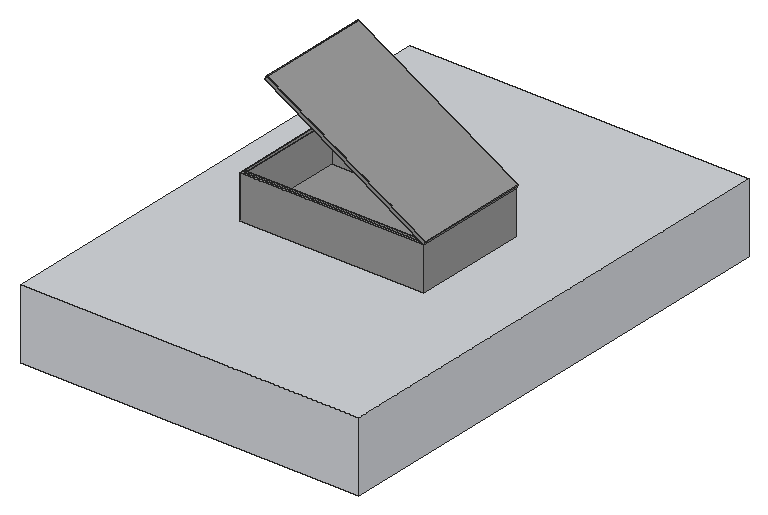
Revit family "Hager-Univers-IP44-D205-H500-Cl.II-Encl-BE-en", category Equipement électrique, Revit 2020
Family settings
  Hôte = Face
  Configuration du panneau = Deux colonnes, circuits au sein
  Cote de connecteur circulaire = Utiliser le diamètre
  Type d'élément = Tableau de raccordement
  Couper avec des vides une fois chargée = Non
  Partagée = Non
  Point de calcul de pièce = Non
Parameters (values of type "Surface mounted (plaster) IP44 W800 H500 D205  - FP33QS")
  Width Control [instance] = if([EF000008 - Width] > Min Width, [EF000008 - Width], Min Width)  # 800 mm
  Commentaires du type = [HG000003 - Range]  # "Univers"
  Thickness Door [instance] = if([EF009171 - Material plate thickness door/cover] > 3 mm, 3 mm, [EF009171 - Material plate thickness door/cover])  # 1 mm
  Seal Frame Offset [instance] = 17 mm  # constant formula
  Plinth Visibility [instance] = [HG000027 - Plinth height] > 0 mm  # no
  Model = ""
  Min Width [instance] = 100 mm  # constant formula
  Min Height [instance] = 100 mm  # constant formula
  Min Depth [instance] = (2 * [EF009170 - Material plate thickness cabinet]) + 1 mm  # 3 mm
  Internal Frame Depth [instance] = (Door System Depth * 0.5)  # 9 mm
  Height Control [instance] = if([EF000040 - Height] > Min Height, [EF000040 - Height], Min Height)  # 500 mm
  HG000027 - Plinth height = 0 mm
  HG000026 - Floor standing = no
  HG000024 - Bottom section height = 800 mm
  HG000023 - Double section enclosure = no
  HG000016 - Door 3d visibility [instance] = yes
  HG000015 - Clearance visibility [instance] = no
  HG000014 - Door on the right [instance] = yes
  HG000013 - Door on the left [instance] = not([HG000014 - Door on the right])  # no
  HG000012 - Door swing angle [instance] = 30.00°
  HG000010 - Asymmetric doors = no
  HG000009 - Double swing door = no
  HG000006 - Flush mounted = no
  HG000004 - Manufacturer reference = "FP33QS"
  HG000003 - Range = "Univers"
  HG000002 - With door or cover = yes
  Frame Offset Bottom [instance] = 10 mm  # constant formula
  Frame Offset [instance] = 15 mm  # constant formula
  EF015940 - Cover with overpressure release = no
  EF011959 - Degree of protection (NEMA) = ""
  EF009554 - Number of openings for flange plates = 6
  EF009212 - Cover model = "EV000116 - Closed"
  EF009171 - Material plate thickness door/cover = 1 mm
  EF009170 - Material plate thickness cabinet = 1 mm
  Fabricant = "Hager"  # constant formula
  EF008873 - Nominal current (In) = 250 A
  EF007800 - Suitable for lightning protection = no
  EF006306 - With lock = no
  EF006244 - Transparent cover/door = no
  EF005474 - Degree of protection (IP) = "EV006418 - IP44"
  EF004464 - Type of door = "EV002646 - Single"
  EF004427 - Number of modules = 108
  EF004293 - Impact strength = "EV006815 - IK09"
  EF003532 - Suitable for outdoor use = no
  EF002950 - Width in number of modular spacings = 36
  EF001613 - Circuit integrity = "EV000494 - None"
  EF001596 - Material housing = "EV000179 - Steel"
  EF001131 - Internal depth = 143 mm
  EF001088 - Extension possible = yes
  EF000437 - Number of conduit inlets = 6
  EF000339 - Type of cover = "EV001012 - Cover"
  EF000266 - Number of rows = 3
  EF000218 - Built-in depth = 0 mm
  EF000118 - With mounting plate = no
  EF000116 - RAL-number = "9010"
  EF000049 - Depth = 205 mm
  EF000040 - Height = 500 mm
  EF000008 - Width = 800 mm
  EF000007 - Colour = "EV000202 - White"
  EF000003 - Mounting method = "EV000384 - Surface mounted (plaster)"
  Door System Leaf Tolerance [instance] = 1.5 mm  # constant formula
  Door System Depth [instance] = 18 mm  # constant formula
  Door Height [instance] = Height Control - [HG000027 - Plinth height]  # 500 mm
  Depth Control [instance] = if([EF000049 - Depth] > Min Depth, [EF000049 - Depth], Min Depth)  # 205 mm
  Default Elevation = 0 mm
  Connector Offset [instance] = Height Control / 2  # 250 mm
  Bottom Top Plate Trim [instance] = 1.5 mm  # constant formula
  Plinth height Ctrl [instance] = if([HG000027 - Plinth height] > 0 mm, [HG000027 - Plinth height], 12 mm)  # 12 mm
Types (5, lengths in mm): name | Width Control | HG000009 - Double swing door | HG000004 - Manufacturer reference | EF009554 - Number of openings for flange plates | EF004464 - Type of door | EF004427 - Number of modules | EF002950 - Width in number of modular spacings | EF000437 - Number of conduit inlets | EF000008 - Width
  Surface mounted (plaster) IP44 W1050 H500 D205  - FP34QS | 1050 | yes | "FP34QS" | 8 | "EV003602 - Double" | 144 | 48 | 8 | 1050
  Surface mounted (plaster) IP44 W1300 H500 D205  - FP35QS | 1300 | yes | "FP35QS" | 10 | "EV003602 - Double" | 180 | 60 | 10 | 1300
  Surface mounted (plaster) IP44 W300 H500 D205  - FP31QS | 300 | no | "FP31QS" | 2 | "EV002646 - Single" | 36 | 12 | 2 | 300
  Surface mounted (plaster) IP44 W550 H500 D205  - FP32QS | 550 | no | "FP32QS" | 4 | "EV002646 - Single" | 72 | 24 | 4 | 550
  Surface mounted (plaster) IP44 W800 H500 D205  - FP33QS | 800 | no | "FP33QS" | 6 | "EV002646 - Single" | 108 | 36 | 6 | 800
Reference planes
  plane 1 "Center (Front/Back)": y = 0
  plane 2: z = 0
  plane 3 "Center (Left/Right)": x = 0
  plane 4: z = 205
  plane 5: y = 1
  plane 6: y = 250
  plane 7: y = 0
  plane 8: y = 500
  plane 9: z = 0
  plane 10: x = -385
  plane 11: x = 385
  plane 12: x = 384
  plane 13: x = -384
  plane 14: y = 499
  plane 15: x = -383
  plane 16: x = -400
  plane 17: x = 383
  plane 18: x = 400
  plane 19: x = 399
  plane 20: x = -399
  plane 21: y = 11
  plane 22: y = 500
  plane 23: y = 484
  plane 24: z = 187
  plane 25: z = 1
  plane 26: z = 186
  plane 27: z = 204
Forms (mm)
  Extrusion 1, solid
    sketch origin (0, 0, 0) x (1, 0, 0) y (0, 1, 0)
      loop
        line (-702.964, 1305) -> (-702.964, -811.445) -> (766.763, -811.445) -> (766.763, 1305) -> (-702.964, 1305)
    from 0 to -304.8
  Extrusion 2, solid, material "Hager_Steel_RAL7035_Light_Grey", visible <- "Plinth Visibility", detail levels medium+fine
    sketch origin (0, 0, 0) x (1, 0, 0) y (0, 1, 0)
      loop
        line (-400, 0) -> (400, 0) -> (400, 12) -> (-400, 12) -> (-400, 0)
    from 0 to 187
  Extrusion 3, solid, material "Hager_Steel_RAL7035_Light_Grey", detail levels medium+fine
    sketch origin (0, 0, 0) x (1, 0, 0) y (0, 1, 0)
      loop
        line (-400, 0) -> (400, 0) -> (400, 500) -> (-400, 500) -> (-400, 0)
    from 0 to 187
  Extrusion 4, void
    sketch origin (0, 0, 0) x (1, 0, 0) y (0, 1, 0)
      loop
        line (-399, 1) -> (399, 1) -> (399, 499) -> (-399, 499) -> (-399, 1)
    from 1 to 186
  Extrusion 5, void
    sketch origin (-381.607, -4572, 187) x (0, -1, 0) y (-1, 0, 0)
      loop
        line (-4583, 2.393) -> (-5056, 2.393) -> (-5056, -765.607) -> (-4583, -765.607) -> (-4583, 2.393)
    from 0 to 1 <- "EF009170 - Material plate thickness cabinet"
  Extrusion 6, solid, material "Hager_Steel_RAL7035_Light_Grey", detail levels fine
    sketch origin (0, 0, 187) x (1, 0, 0) y (0, 1, 0)
      loop
        line (-384, 484) -> (-384, 11) -> (384, 11) -> (384, 484) -> (-384, 484)
      loop
        line (-385, 10) -> (385, 10) -> (385, 485) -> (-385, 485) -> (-385, 10)
    from 0 to 9 <- "Internal Frame Depth"
  Extrusion 7, solid, material "Hager_Steel_RAL7035_Light_Grey", detail levels coarse
    sketch origin (0, 0, 0) x (1, 0, 0) y (0, 1, 0)
      loop
        line (-400, 0) -> (400, 0) -> (400, 500) -> (-400, 500) -> (-400, 0)
    from 0 to 205
  Sweep 8, void
    path in 3D
      loop
        line (-400, 12, 0) -> (400, 12, 0) -> (400, 12, 187) -> (-400, 12, 187) -> (-400, 12, 0)
    profile origin (-400, 12, 93.5) x (-1, 0, 0) y (0, -1, 0)
      loop
        line (0, 0) -> (0, 1.5) -> (-1.5, 1.5)
        arc (-1.5, 1.5) -> (-1.061, 0.439) -> (0, 0) r 1.5
Cuts and joins
  Extrusion 4, Extrusion 5 cuts Extrusion 3
  Sweep 8 cuts Extrusion 2
Lines and regions (mm)
  Masking region 1
    outline origin (0, 0, 0) x (1, 0, 0) y (0, 0, 1)
      loop
        line (-400, 205) -> (-400, 0) -> (400, 0) -> (400, 205) -> (-400, 205)
  Masking region 2, detail levels medium+fine
    outline origin (0, 140, 0) x (0, 1, 0) y (0, 0, 1)
      loop
        line (-140, 0) -> (360, 0) -> (360, 187) -> (-140, 187) -> (-140, 0)
  Masking region 3, not visible, detail levels medium+fine
    outline origin (0, 297.922, 0) x (0, 1, 0) y (0, 0, 1)
      loop
        line (-36.422, 0) -> (3.578, 0) -> (3.578, 194)
        arc (3.578, 194) -> (0.649, 201.071) -> (-6.422, 204) r 10
        line (-6.422, 204) -> (-36.422, 204) -> (-36.422, 0)
  Masking region 4, detail levels coarse
    outline origin (0, 0, 180) x (0, 1, 0) y (0, 0, 1)
      loop
        line (0, -180) -> (500, -180) -> (500, 25) -> (0, 25) -> (0, -180)
  Masking region 5, visible <- "Plinth Visibility", detail levels medium+fine
    outline origin (0, 52.24, 12.345) x (0, 0, -1) y (0, 1, 0)
      loop
        line (10.845, -40.24) -> (-173.155, -40.24)
        arc (-173.155, -40.24) -> (-173.594, -41.301) -> (-174.655, -41.74) r 1.5
        line (-174.655, -41.74) -> (-174.655, -52.24) -> (12.345, -52.24) -> (12.345, -41.74)
        arc (12.345, -41.74) -> (11.285, -41.301) -> (10.845, -40.24) r 1.5
  Masking region 6, detail levels medium+fine
    outline origin (-381.607, -4572, 187) x (-1, 0, 0) y (0, -1, 0)
      loop
        line (18.393, -5072) -> (18.393, -4572) -> (-781.607, -4572) -> (-781.607, -5072) -> (18.393, -5072)
  Masking region 7, visible <- "Plinth Visibility", detail levels medium+fine
    outline origin (-381.607, -4727, 187) x (-1, 0, 0) y (0, -1, 0)
      loop
        arc (16.893, -4739) -> (17.332, -4737.939) -> (18.393, -4737.5) r 1.5
        line (18.393, -4737.5) -> (18.393, -4727) -> (-781.607, -4727) -> (-781.607, -4737.5)
        arc (-781.607, -4737.5) -> (-780.546, -4737.939) -> (-780.107, -4739) r 1.5
        line (-780.107, -4739) -> (16.893, -4739)
  Masking region 8, detail levels coarse
    outline origin (-442.548, -4669.526, 187) x (-1, 0, 0) y (0, -1, 0)
      loop
        line (-42.548, -5169.526) -> (-42.548, -4669.526) -> (-842.548, -4669.526) -> (-842.548, -5169.526) -> (-42.548, -5169.526)
  sketch lines
    curve 1: line (-400, 12, 187) -> (-400, 12, 0)
    curve 2: line (400, 12, 187) -> (-400, 12, 187)
    curve 3: line (400, 12, 187) -> (400, 12, 0)
    curve 4: line (-400, 12, 0) -> (400, 12, 0)
Dimensions and locks
  "Depth Control": plane 4 to Extrusion 1
  "HG000027 - Plinth height": plane 1 "Center (Front/Back)" to plane 7
  "EF009170 - Material plate thickness cabinet": plane 5 to plane 7
  locked: connector elem to plane 3 "Center (Left/Right)"
  equal spacing: plane 8, plane 6, plane 7
  locked: connector elem to plane 6
  "EF009170 - Material plate thickness cabinet": plane 8 to plane 14
  "EF009170 - Material plate thickness cabinet": plane 10 to plane 13
  "EF009170 - Material plate thickness cabinet": plane 12 to plane 11
  "Frame Offset": plane 20 to plane 13
  "Frame Offset": plane 12 to plane 19
  "EF009170 - Material plate thickness cabinet": plane 16 to plane 20
  "EF009170 - Material plate thickness cabinet": plane 19 to plane 18
  "Seal Frame Offset": plane 16 to plane 15
  "Seal Frame Offset": plane 17 to plane 18
  "Frame Offset Bottom": plane 21 to plane 5
  "Frame Offset": plane 14 to plane 23
  equal spacing: plane 16, plane 3 "Center (Left/Right)", plane 18
  "Width Control": plane 16 to plane 18
  "EF009170 - Material plate thickness cabinet": plane 4 to plane 27
  "EF009170 - Material plate thickness cabinet": plane 24 to plane 26
  "EF009170 - Material plate thickness cabinet": plane 25 to level
  "Door System Depth": plane 4 to plane 24
  "Height Control": plane 1 "Center (Front/Back)" to Extrusion 7 sketch curve
  "Height Control": Masking region 4 sketch curve to plane 1 "Center (Front/Back)"
  "Height Control": plane 1 "Center (Front/Back)" to plane 22
  "Bottom Top Plate Trim": profile plane to Sweep 8 sketch curve
  "Bottom Top Plate Trim": Sweep 8 sketch curve to profile plane
  "Plinth height Ctrl": plane 1 "Center (Front/Back)" to Extrusion 2 sketch curve
  "Plinth height Ctrl": Masking region 5 sketch curve to plane 1 "Center (Front/Back)"
  "Plinth height Ctrl": plane 1 "Center (Front/Back)" to Masking region 7 sketch curve
  "Thickness Door": Extrusion 6 sketch curve to Extrusion 6 sketch curve  (x3)
  "Thickness Door": cut or joined group of Extrusion 3, Extrusion 4, Extrusion 5 to Extrusion 6 sketch curve
  radius of Masking region 3 sketch curve = 10 mm
  "Bottom Top Plate Trim": radius of Masking region 5 sketch curve  (x2)
  "Bottom Top Plate Trim": radius of Sweep 8 sketch curve
  "Bottom Top Plate Trim": radius of Masking region 7 sketch curve  (x2)
  aligned and locked: plane 2 to Extrusion 1
  aligned and locked: level to Extrusion 1
  aligned and locked: level to Masking region 1 sketch curve
  aligned and locked: Masking region 1 sketch curve to plane 18
  aligned and locked: Masking region 1 sketch curve to plane 16
  aligned and locked: plane 7 to Masking region 2 sketch curve
  aligned and locked: level to Masking region 3 sketch curve
  aligned and locked: Masking region 3 sketch curve to plane 27
  aligned and locked: level to Masking region 2 sketch curve
  aligned and locked: plane 1 "Center (Front/Back)" to Extrusion 2 sketch curve
  aligned and locked: Extrusion 3 sketch curve to plane 7
  aligned and locked: plane 16 to Extrusion 3 sketch curve
  aligned and locked: plane 18 to Extrusion 3 sketch curve
  aligned and locked: plane 20 to Extrusion 4 sketch curve
  aligned and locked: plane 19 to Extrusion 4 sketch curve
  aligned and locked: Extrusion 4 sketch curve to plane 5
  aligned and locked: Extrusion 4 to plane 25
  aligned and locked: plane 26 to Extrusion 4
  aligned and locked: plane 24 to Extrusion 3
  aligned and locked: Extrusion 5 sketch curve to plane 21
  aligned and locked: Extrusion 5 sketch curve to plane 13
  aligned and locked: Extrusion 5 sketch curve to plane 12
  aligned and locked: plane 18 to Extrusion 7 sketch curve
  aligned and locked: plane 1 "Center (Front/Back)" to Extrusion 7 sketch curve
  aligned and locked: plane 16 to Extrusion 7 sketch curve
  aligned and locked: plane 4 to Extrusion 7
  aligned and locked: Extrusion 7 to level
  aligned and locked: level to Masking region 4 sketch curve
  aligned and locked: Masking region 4 sketch curve to plane 1 "Center (Front/Back)"
  aligned and locked: Masking region 4 sketch curve to plane 4
  aligned and locked: nested 1 to level
  aligned and locked: nested 1 to plane 16
  aligned and locked: plane 8 to Extrusion 3 sketch curve
  aligned and locked: plane 23 to Extrusion 5 sketch curve
  aligned and locked: plane 14 to Extrusion 4 sketch curve
  aligned and locked: Masking region 2 sketch curve to plane 8
  aligned and locked: level to Masking region 5 sketch curve
  aligned and locked: plane 16 to Extrusion 2 sketch curve
  aligned and locked: plane 18 to Extrusion 2 sketch curve
  aligned and locked: Masking region 5 sketch curve to plane 24
  aligned and locked: Masking region 2 sketch curve to plane 24
  aligned and locked: plane 24 to Extrusion 2
  aligned and locked: profile plane to Sweep 8 sketch curve  (x2)
  aligned and locked: Masking region 6 sketch curve to plane 18
  aligned and locked: Masking region 6 sketch curve to plane 22
  aligned and locked: Masking region 6 sketch curve to plane 16
  aligned and locked: plane 8 to plane 22
  aligned and locked: Masking region 6 sketch curve to plane 7
  aligned and locked: Masking region 7 sketch curve to plane 16
  aligned and locked: Masking region 7 sketch curve to plane 1 "Center (Front/Back)"
  aligned and locked: Masking region 7 sketch curve to plane 18
  aligned and locked: Masking region 8 sketch curve to plane 1 "Center (Front/Back)"
  aligned and locked: Masking region 8 sketch curve to plane 18
  aligned and locked: Masking region 8 sketch curve to plane 22
  aligned and locked: Masking region 8 sketch curve to plane 16
  aligned and locked: nested 2 to plane 7
  aligned and locked: plane 3 "Center (Left/Right)" to nested 2
  aligned and locked: nested 2 to plane 24
  aligned and locked: Extrusion 6 sketch curve to cut or joined group of Extrusion 3, Extrusion 4, Extrusion 5  (x4)
Automatic sketch dimensions
  Extrusion 1 sketch curve to Extrusion 1 sketch curve = 1469.727 mm
  Extrusion 1 sketch curve to Extrusion 1 sketch curve = 2116.445 mm
  Masking region 1 sketch curve to plane 4 = 0 mm
  plane 6 to Masking region 3 sketch curve = 11.5 mm
  Masking region 3 sketch curve to Masking region 3 sketch curve = 30 mm
  Masking region 5 sketch curve to plane 1 "Center (Front/Back)" = 0 mm
Nested families
  nested 1: "Hager_Enclosure_Symbol" at (-400, 0, 0) x (1, 0, 0) z (0, -1, 0), Height <- "Depth Control", Width <- "Width Control", type "Hager_Enclosure_Symbol"
    with Width_Ctrl 800 mm, Width 800 mm, Height_Ctrl 205 mm, Height 205 mm, A_Width_Int 13.453 mm, A_Width 161.438 mm, A_Height_Ctrl 179.375 mm, A_Height 179.375 mm
  nested 2: "EC000058_Univers_Door" at (0, 0, 187) x (1, 0, 0) z (0, 1, 0), Leaf_Tolerance <- "Door System Leaf Tolerance", Angle <- "HG000012 - Door swing angle", Door_Depth <- "Door System Depth", Door_Left <- "HG000013 - Door on the left", Transparent <- "EF006244 - Transparent cover/door", Assymetrical <- "HG000010 - Asymmetric doors", Width <- "Width Control", Clearance <- "HG000015 - Clearance visibility", Double <- "HG000009 - Double swing door", 3d_Door <- "HG000016 - Door 3d visibility", Lock_Visibility <- "EF006306 - With lock", Width_Ctrl <- "Width Control", Door_Right <- "HG000014 - Door on the right", Door <- "HG000002 - With door or cover", Height <- "Door Height", Thickness <- "Thickness Door", type "EC000058_Univers_Door", detail levels medium+fine
    with min_wh 3 mm, Width_Ctrl 800 mm, Width 800 mm, Transparent no, Thickness 1 mm, Seal_Material Hager_Rubber, Lock_Visibility no, Lock_Material Hager_Plastic_RAL9005_Jet_Black, Leaf_Width 800 mm, Leaf_Tolerance_External_Sides 0 mm, Leaf_Tolerance 1.5 mm, Leaf_Offset 0 mm, Leaf_Height 497 mm, Leaf_2_Width 800 mm, Leaf_2_Offset 400 mm, Leaf_1_Width 800 mm, Leaf_1_Offset 400 mm, Height_Ctrl 500 mm, Height 500 mm, Glass_Material Hager_Glass, Double_Clearance_Ctrl no, Double no, Door_Right_Ctrl yes, Door_Right yes, Door_Material Hager_Steel_RAL7035_Light_Grey, Door_Left_Ctrl no, Door_Left no, Door_Depth 18 mm, Door yes, Clearance_Material Hager_Clearance, Clearance_Depth 800 mm, Clearance_Ctrl no, Clearance no, Assymetrical no, Angle 30.00°, 3d_Door yes
Connectors
  electrical at (0, 250, 0)
    settings: on plane 9, index 1, voltage 0 V, apparent load 0 VA, apparent load phase1 0 VA, apparent load phase2 0 VA, apparent load phase3 0 VA, power factor 1, load classification "Other", number of poles 1, system type 30, power factor state 1, is connector primary yes, connector utility no, sub classification motor no, connector description ""
Definition of nested family "EC000058_Univers_Door"
  Parameters (values of type "EC000058_Univers_Door")
    min_wh [instance] = (2 * Thickness) + 1 mm  # 11 mm
    Width_Ctrl [instance] = 400 mm
    Width [instance] = 500 mm
    Transparent [instance] = yes
    Thickness [instance] = 5 mm
    Seal_Material [instance] = none
    Lock_Visibility [instance] = yes
    Lock_Material [instance] = none
    Leaf_Width [instance] = if((Width_Ctrl - 2 * Leaf_Tolerance_External_Sides) > 0 mm, (Width_Ctrl - 2 * Leaf_Tolerance_External_Sides), min_wh)  # 400 mm
    Leaf_Tolerance_External_Sides [instance] = 0 mm  # constant formula
    Leaf_Tolerance [instance] = 1.5 mm
    Leaf_Offset [instance] = 0 mm  # constant formula
    Leaf_Height [instance] = if((Height_Ctrl - 2 * Leaf_Tolerance) > 0 mm, (Height_Ctrl - 2 * Leaf_Tolerance), min_wh)  # 497 mm
    Leaf_2_Width [instance] = if(and(and(Double, Assymetrical), Door_Left), (Leaf_Width / 3) - (Leaf_Tolerance / 2), if(and(and(Double, Assymetrical), Door_Right), (Leaf_Width / 3) * 2 - (Leaf_Tolerance / 2), if(and(Double, not(Assymetrical)), (Leaf_Width / 2) - Leaf_Tolerance, Leaf_Width)))  # 400 mm
    Leaf_2_Offset [instance] = if(and(Double, Assymetrical), Leaf_2_Width / 2, if(and(Double, not(Assymetrical)), Leaf_Width / 4, Leaf_Width / 2))  # 200 mm
    Leaf_1_Width [instance] = if(and(and(Double, Assymetrical), Door_Right), (Leaf_Width / 3) - (Leaf_Tolerance / 2), if(and(and(Double, Assymetrical), Door_Left), (Width / 3) * 2 - (Leaf_Tolerance / 2), if(and(Double, not(Assymetrical)), (Leaf_Width / 2) - Leaf_Tolerance, Leaf_Width)))  # 400 mm
    Leaf_1_Offset [instance] = if(and(Double, Assymetrical), Leaf_1_Width / 2, if(and(Double, not(Assymetrical)), Leaf_Width / 4, Leaf_Width / 2))  # 200 mm
    Height_Ctrl [instance] = if(Height > min_wh, Height, min_wh)  # 500 mm
    Height [instance] = 500 mm
    Glass_Material [instance] = none
    Double_Clearance_Ctrl [instance] = and(Double, Clearance)  # no
    Double [instance] = no
    Door_Right_Ctrl [instance] = and(or(Door_Right, Double), Door)  # yes
    Door_Right [instance] = yes
    Door_Material [instance] = none
    Door_Left_Ctrl [instance] = and(or(Door_Left, Double), Door)  # no
    Door_Left [instance] = no
    Door_Depth [instance] = 30 mm
    Door [instance] = yes
    Default Elevation = 1219.2 mm
    Clearance_Material [instance] = none
    Clearance_Depth [instance] = if(Leaf_1_Width > Leaf_2_Width, Leaf_1_Width, Leaf_2_Width)  # 400 mm
    Clearance_Ctrl [instance] = and(not(Double), Clearance)  # yes
    Clearance [instance] = yes
    Assymetrical [instance] = yes
    Angle [instance] = 30.00°
    3d_Door [instance] = yes
  Reference planes
    plane 1 "Center (Front/Back)": y = 0
    plane 2 "Bottom": z = 0
    plane 3 "Center (Left/Right)": x = 0
    plane 4: z = 500
    plane 5: x = -200
    plane 6: x = 200
    plane 7: z = 500
    plane 8: x = -200
    plane 9: z = 0
    plane 10: x = 200
    plane 11: y = 0
    plane 12: z = 1.5
    plane 13: x = -600
    plane 14: y = -400
    plane 15: x = 600
    plane 16: x = 0
    plane 17: x = 0
    plane 18: x = -200
    plane 19: x = 200
    plane 20: z = 498.5
  Forms (mm)
    Extrusion 1, solid, material <- "Clearance_Material", visible <- "Double_Clearance_Ctrl"
      sketch origin (1200, 0, 0) x (1, 0, 0) y (0, 0, -1)
        loop
          line (-1800, -498.5) -> (-600, -498.5) -> (-600, 0) -> (-1800, 0) -> (-1800, -498.5)
      from 0 to -400
  Dimensions and locks
    equal spacing: plane 5, plane 3 "Center (Left/Right)", plane 6
    "Width_Ctrl": plane 5 to plane 6
    "Leaf_Offset": plane 5 to plane 8
    "Leaf_Offset": plane 6 to plane 10
    "Leaf_Offset": plane 9 to level
    "Leaf_Offset": plane 4 to plane 7
    "Height_Ctrl": plane 4 to level
    "Leaf_Tolerance": plane 12 to plane 9
    locked: plane 11 to plane 1 "Center (Front/Back)"
    "Leaf_1_Offset": plane 18 to plane 16
    "Leaf_2_Offset": plane 17 to plane 19
    "Leaf_1_Width": plane 13 to plane 8
    "Leaf_2_Width": plane 10 to plane 15
    "Clearance_Depth": plane 14 to plane 1 "Center (Front/Back)"
    "Leaf_Tolerance_External_Sides": plane 8 to plane 18
    "Leaf_Tolerance_External_Sides": plane 19 to plane 10
    "Leaf_Tolerance": plane 7 to plane 20
    aligned and locked: level to plane 2 "Bottom"
    aligned and locked: nested 1 to plane 16
    aligned and locked: nested 2 to plane 17
    aligned and locked: Extrusion 1 to plane 13
    aligned and locked: plane 15 to Extrusion 1
    aligned and locked: Extrusion 1 to plane 14
    aligned and locked: plane 12 to nested 1
    aligned and locked: nested 2 to plane 12
    aligned and locked: Extrusion 1 to plane 11
    aligned and locked: plane 20 to Extrusion 1
    aligned and locked: nested 2 to plane 11
    aligned and locked: nested 1 to plane 11
  Automatic sketch dimensions
    Extrusion 1 sketch curve to level = 0 mm
    plane 5 to Extrusion 1 sketch curve = 400 mm
    plane 6 to Extrusion 1 sketch curve = 400 mm
    Extrusion 1 sketch curve to plane 4 = 1.5 mm
  Nested families
    nested 1: "EC000058_Univers_Door_Leaf" at (0, 0, 1.5), Width <- "Leaf_1_Width", visible <- "Door_Left_Ctrl", Leaf_Height <- "Leaf_Height", Angle <- "Angle", 3d_Door <- "3d_Door", Transparent <- "Transparent", Clearance Material <- "Clearance_Material", Clearance <- "Clearance_Ctrl", Door_Material <- "Door_Material", Glass_Material <- "Glass_Material", Door_Depth <- "Door_Depth", Lock_Material <- "Lock_Material", Seal_Material <- "Seal_Material", Lock_Visibility <- "Lock_Visibility", Thickness <- "Thickness", type "EC000058_Univers_Door_Leaf"
      with Width 400 mm, Transparent_Glass_Offset 30 mm, Transparent_Ctrl yes, Transparent yes, Thickness 5 mm, Standard no, Seal_Material none, Seal_D2 8 mm, Seal_D1 1 mm, Offset_Internal_Frame 10 mm, Lock_Width 20 mm, Lock_Visibility_3d yes, Lock_Visibility yes, Lock_Thickness_3 3 mm, Lock_Thickness_2 1 mm, Lock_Thickness_1 3 mm, Lock_Radius_Offset_2 16 mm, Lock_Radius_Offset_1 15 mm, Lock_Radius_2 5 mm, Lock_Radius 6 mm, Lock_Offset 5 mm, Lock_Material none, Lock_Height 80 mm, Lock_Cover_Top_Offset_2d 17 mm, Lock_Cover_Height -65 mm, Leaf_Height 497 mm, Internal_Seal_Thickness 8 mm, Internal_Seal_Depth_2 4.5 mm, Internal_Frame_Depth 25 mm, Glass_Thickness -1 mm, Glass_Offset -2 mm, Glass_Material none, Door_Material none, Door_Depth 30 mm, Clearance Material none, Clearance yes, Angle_Ctrl 30.00°, Angle 30.00°, 3d_Door yes
    nested 2: "EC000058_Univers_Door_Leaf" at (0, 0, 1.5) x (-1, 0, 0) z (0, 0, 1), Width <- "Leaf_2_Width", visible <- "Door_Right_Ctrl", Leaf_Height <- "Leaf_Height", Angle <- "Angle", 3d_Door <- "3d_Door", Transparent <- "Transparent", Clearance Material <- "Clearance_Material", Clearance <- "Clearance_Ctrl", Door_Material <- "Door_Material", Glass_Material <- "Glass_Material", Door_Depth <- "Door_Depth", Lock_Material <- "Lock_Material", Seal_Material <- "Seal_Material", Lock_Visibility <- "Lock_Visibility", Thickness <- "Thickness", type "EC000058_Univers_Door_Leaf"
      with Width 400 mm, Transparent_Glass_Offset 30 mm, Transparent_Ctrl yes, Transparent yes, Thickness 5 mm, Standard no, Seal_Material none, Seal_D2 8 mm, Seal_D1 1 mm, Offset_Internal_Frame 10 mm, Lock_Width 20 mm, Lock_Visibility_3d yes, Lock_Visibility yes, Lock_Thickness_3 3 mm, Lock_Thickness_2 1 mm, Lock_Thickness_1 3 mm, Lock_Radius_Offset_2 16 mm, Lock_Radius_Offset_1 15 mm, Lock_Radius_2 5 mm, Lock_Radius 6 mm, Lock_Offset 5 mm, Lock_Material none, Lock_Height 80 mm, Lock_Cover_Top_Offset_2d 17 mm, Lock_Cover_Height -65 mm, Leaf_Height 497 mm, Internal_Seal_Thickness 8 mm, Internal_Seal_Depth_2 4.5 mm, Internal_Frame_Depth 25 mm, Glass_Thickness -1 mm, Glass_Offset -2 mm, Glass_Material none, Door_Material none, Door_Depth 30 mm, Clearance Material none, Clearance yes, Angle_Ctrl 30.00°, Angle 30.00°, 3d_Door yes
  Definition of nested family "EC000058_Univers_Door_Leaf"
    Parameters (values of type "EC000058_Univers_Door_Leaf")
      Width [instance] = 2000 mm
      Transparent_Glass_Offset [instance] = 30 mm
      Transparent_Ctrl [instance] = and(Transparent, [3d_Door])  # yes
      Transparent [instance] = yes
      Thickness [instance] = 5 mm
      Standard [instance] = and(not(Transparent), [3d_Door])  # no
      Seal_Material [instance] = none
      Seal_D2 [instance] = 8 mm  # constant formula
      Seal_D1 [instance] = 1 mm  # constant formula
      Offset_Internal_Frame [instance] = 10 mm  # constant formula
      Lock_Width [instance] = 20 mm  # constant formula
      Lock_Visibility_3d [instance] = and(Lock_Visibility, [3d_Door])  # yes
      Lock_Visibility [instance] = yes
      Lock_Thickness_3 [instance] = 3 mm  # constant formula
      Lock_Thickness_2 [instance] = 1 mm  # constant formula
      Lock_Thickness_1 [instance] = 3 mm  # constant formula
      Lock_Radius_Offset_2 [instance] = Lock_Radius_Offset_1 + 1 mm  # 16 mm
      Lock_Radius_Offset_1 [instance] = 15 mm  # constant formula
      Lock_Radius_2 [instance] = Lock_Radius - 1 mm  # 5 mm
      Lock_Radius [instance] = 6 mm  # constant formula
      Lock_Offset [instance] = 5 mm  # constant formula
      Lock_Material [instance] = none
      Lock_Height [instance] = 80 mm  # constant formula
      Lock_Cover_Top_Offset_2d [instance] = Lock_Radius_Offset_2 + 1 mm  # 17 mm
      Lock_Cover_Height [instance] = -(Lock_Height - Lock_Radius_Offset_1)  # -65 mm
      Leaf_Height [instance] = 2720.336 mm
      Internal_Seal_Thickness [instance] = 8 mm  # constant formula
      Internal_Seal_Depth_2 [instance] = 4.5 mm  # constant formula
      Internal_Frame_Depth [instance] = if(Door_Depth - Thickness > 5 mm, Door_Depth - Thickness, 5 mm)  # 25 mm
      Glass_Thickness [instance] = if(Thickness > 15 mm, Glass_Offset + 10 mm, -1 mm)  # -1 mm
      Glass_Offset [instance] = if(Thickness > 15 mm, -(Thickness + 10 mm) / 2, -2 mm)  # -2 mm
      Glass_Material [instance] = none
      Door_Material [instance] = none
      Door_Depth [instance] = 30 mm
      Default Elevation = 0 mm
      Clearance Material [instance] = none
      Clearance [instance] = yes
      Angle_Ctrl [instance] = if(Angle > 180.00°, 180.00°, Angle)  # 90.00°
      Angle [instance] = 90.00°
      3d_Door [instance] = yes
    Reference planes
      plane 1 "Center (Front/Back)": y = 0
      plane 2: z = 0
      plane 3 "Center (Left/Right)": x = 0
      plane 4: y = 2000
      plane 5: x = -1000
      plane 6: x = 1000
      plane 7: x = -3000
      plane 8: z = 2720.336
      plane 9: z = 30
      plane 10: z = 2690.336
      plane 11: x = 970
      plane 12: x = -970
      plane 13: y = -3
      plane 14: z = 107.833
      plane 15: y = -5
      plane 16: y = -223.314
      plane 17: x = -1000
      plane 18: z = 1360.168
      plane 19: y = 30
    Forms (mm)
      Extrusion 1, solid, material <- "Clearance Material", visible <- "Clearance"
        sketch origin (0, 0, 0) x (1, 0, 0) y (0, 0, 1)
          loop
            line (-3000, 2720.336) -> (-3000, 0) -> (1000, 0) -> (1000, 2720.336) -> (-3000, 2720.336)
        from 0 to -2000
      Extrusion 2, solid, material <- "Door_Material", visible <- "Standard", detail levels medium+fine
        sketch origin (-1000, 0, 0) x (0, 1, 0) y (-1, 0, 0)
          loop
            line (0, 30) -> (0, 25) -> (2000, 25) -> (2000, 30) -> (0, 30)
        from 0 to 2720.336 <- "Leaf_Height"
      Extrusion 3, solid, material <- "Door_Material", visible <- "Transparent_Ctrl", detail levels medium+fine
        sketch origin (-1000, 0, 0) x (0, 1, 0) y (-1, 0, 0)
          loop
            line (0, 25) -> (2000, 25) -> (2000, 30) -> (0, 30) -> (0, 25)
        from 0 to 2720.336 <- "Leaf_Height"
      Extrusion 4, void
        sketch origin (-1025, 2000, 0) x (0, 1, 0) y (0, 0, -1)
          loop
            line (-30, -2690.336) -> (-30, -30) -> (-1970, -30) -> (-1970, -2690.336) -> (-30, -2690.336)
        from 0 to 5 <- "Thickness"
      Sweep 5, solid, material <- "Seal_Material", visible <- "Transparent_Ctrl", detail levels fine
        path in 3D
          loop
            line (-1025, 30, 30) -> (-1025, 30, 2690.336) -> (-1025, 1970, 2690.336) -> (-1025, 1970, 30) -> (-1025, 30, 30)
        profile origin (-1025, 1000, 30) x (1, 0, 0) y (0, 0, 1)
          loop
            line (0, 0) -> (0, -8) -> (1, -8) -> (1, 0) -> (0, 0)
      Extrusion 6, solid, material <- "Glass_Material", visible <- "Transparent_Ctrl", detail levels medium+fine
        sketch origin (-1030, 0, 0) x (0, 1, 0) y (0, 0, -1)
          loop
            line (1970, -2690.336) -> (1970, -30) -> (30, -30) -> (30, -2690.336) -> (1970, -2690.336)
        from -2 <- "Glass_Offset" to -1 <- "Glass_Thickness"
      Extrusion 7, solid, material <- "Door_Material", visible <- "3d_Door", detail levels medium+fine
        sketch origin (-1025, 2000, 0) x (0, -1, 0) y (0, 0, -1)
          loop
            line (0, -2720.336) -> (2000, -2720.336) -> (2000, 0) -> (0, 0) -> (0, -2720.336)
          loop
            line (1995, -5) -> (5, -5) -> (5, -2715.336) -> (1995, -2715.336) -> (1995, -5)
        from 0 to 25 <- "Internal_Frame_Depth"
      Sweep 8, solid, material <- "Seal_Material", visible <- "Transparent_Ctrl", detail levels fine
        path in 3D
          loop
            line (-1025, 0, 0) -> (-1025, 2000, 0) -> (-1025, 2000, 2720.336) -> (-1025, 0, 2720.336) -> (-1025, 0, 0)
        profile origin (-1025, 0, 1360.168) x (1, 0, 0) y (0, 1, 0)
          loop
            line (0, 10) -> (2.975, 10)
            arc (2.975, 10) -> (4.053, 10.447) -> (4.5, 11.525) r 1.525
            line (4.5, 11.525) -> (4.5, 16.527)
            arc (4.5, 16.527) -> (4.069, 17.569) -> (3.027, 18) r 1.473
            line (3.027, 18) -> (0, 18) -> (0, 10)
      Extrusion 9, solid, material <- "Lock_Material", visible <- "Lock_Visibility_3d", detail levels fine
        sketch origin (-1030, 0, 0) x (0, 1, 0) y (0, 0, -1)
          loop
            arc (1993.5, -1400.168) -> (1994.561, -1399.729) -> (1995, -1398.668) r 1.5
            line (1995, -1398.668) -> (1995, -1320.168) -> (1975, -1320.168) -> (1975, -1398.668)
            arc (1975, -1398.668) -> (1975.439, -1399.729) -> (1976.5, -1400.168) r 1.5
            line (1976.5, -1400.168) -> (1993.5, -1400.168)
        from 3 <- "Lock_Thickness_1" to 0
      Blend 10, solid, material <- "Lock_Material", visible <- "Lock_Visibility_3d", detail levels fine
        base sketch origin (-1033, 0, 0) x (0, 1, 0) y (0, 0, -1)
          loop
            line (1975, -1320.168) -> (1975, -1398.668)
            arc (1975, -1398.668) -> (1975.439, -1399.729) -> (1976.5, -1400.168) r 1.5
            line (1976.5, -1400.168) -> (1993.5, -1400.168)
            arc (1993.5, -1400.168) -> (1994.561, -1399.729) -> (1995, -1398.668) r 1.5
            line (1995, -1398.668) -> (1995, -1320.168) -> (1975, -1320.168)
        top sketch origin (-1033, 0, 0) x (0, 1, 0) y (0, 0, -1)
          loop
            line (1976, -1320.168) -> (1976, -1398.668)
            arc (1976, -1398.668) -> (1976.146, -1399.022) -> (1976.5, -1399.168) r 0.5
            line (1976.5, -1399.168) -> (1993.5, -1399.168)
            arc (1993.5, -1399.168) -> (1993.854, -1399.022) -> (1994, -1398.668) r 0.5
            line (1994, -1398.668) -> (1994, -1320.168) -> (1976, -1320.168)
        from 0 to 1 <- "Lock_Thickness_2"
      Blend 11, solid, material <- "Lock_Material", visible <- "Lock_Visibility_3d", detail levels fine
        base sketch origin (-1034, 0, 0) x (0, 1, 0) y (0, 0, -1)
          loop
            line (1978, -1320.168) -> (1978, -1384.168)
            arc (1978, -1384.168) -> (1985, -1391.168) -> (1992, -1384.168) r 7
            line (1992, -1384.168) -> (1992, -1320.168) -> (1978, -1320.168)
        top sketch origin (-1034, 0, 0) x (0, 1, 0) y (0, 0, -1)
          loop
            line (1991, -1320.168) -> (1979, -1320.168) -> (1979, -1383.168)
            arc (1979, -1383.168) -> (1985, -1389.168) -> (1991, -1383.168) r 6
            line (1991, -1383.168) -> (1991, -1320.168)
        from 0 to 3 <- "Lock_Thickness_3"
      Extrusion 12, solid, material <- "Lock_Material", visible <- "Lock_Visibility_3d", detail levels fine
        sketch origin (-1030, 1975, 1320.168) x (1, 0, 0) y (0, -1, 0)
          loop
            line (-7, -19) -> (-7, -1) -> (0, -1) -> (0, 0) -> (-8, 0) -> (-8, -20) -> (0, -20) -> (0, -19) -> (-7, -19)
        from 0 to -65 <- "Lock_Cover_Height"
      Extrusion 13, void
        sketch origin (-1038, 1995, 1320.168) x (-1, 0, 0) y (0, 0, -1)
          loop
            line (-5, -65) -> (0, -65) -> (-5, -60) -> (-5, -65)
        from 0 to 20 <- "Lock_Width"
      Extrusion 14, void
        sketch origin (-1038, 1975, 1320.168) x (0, -1, 0) y (0, 0, -1)
          loop
            circle (-10, -15.995) r 6
          loop
            circle (-10, -15.995) r 5
        from 0 to 2
      Extrusion 15, solid, material <- "Lock_Material", visible <- "Lock_Visibility_3d", detail levels medium
        sketch origin (-1030, 0, 0) x (0, 1, 0) y (0, 0, -1)
          loop
            arc (1993.5, -1400.168) -> (1994.561, -1399.729) -> (1995, -1398.668) r 1.5
            line (1995, -1398.668) -> (1995, -1320.168) -> (1975, -1320.168) -> (1975, -1398.668)
            arc (1975, -1398.668) -> (1975.439, -1399.729) -> (1976.5, -1400.168) r 1.5
            line (1976.5, -1400.168) -> (1993.5, -1400.168)
        from 8 to 0
    Cuts and joins
      Extrusion 4 cuts Extrusion 3
      Extrusion 13, Extrusion 14 cuts Extrusion 9
      Extrusion 14 cuts Blend 11
      Extrusion 13, Extrusion 14 cuts Extrusion 12
      joined: Extrusion 9, Blend 10, Blend 11, Extrusion 12
      Extrusion 14 cuts Extrusion 15
    Lines and regions (mm)
      Masking region 1, visible <- "Lock_Visibility", detail levels fine
        outline origin (0, 0, 0) x (0, 1, 0) y (0, 0, 1)
          loop
            line (30, 1320.168) -> (33, 1320.168) -> (33, 1400.168) -> (30, 1400.168) -> (30, 1320.168)
      Masking region 2, visible <- "Lock_Visibility", detail levels fine
        outline origin (0, 3.143, 0) x (0, 1, 0) y (0, 0, 1)
          loop
            line (29.857, 1354.168) -> (30.857, 1354.168) -> (30.857, 1366.168) -> (29.857, 1366.168) -> (29.857, 1354.168)
      Masking region 3, detail levels medium+fine
        outline origin (0, 0, 0) x (0, 1, 0) y (0, 0, 1)
          loop
            line (0, 0) -> (30, 0) -> (30, 2720.336) -> (0, 2720.336) -> (0, 0)
      Masking region 4, detail levels medium+fine
        outline origin (0, 0, 0) x (1, 0, 0) y (0, 0, 1)
          loop
            line (-1000, 2720.336) -> (-1000, 0) -> (1000, 0) -> (1000, 2720.336) -> (-1000, 2720.336)
      Masking region 5, visible <- "Lock_Visibility", detail levels fine
        outline origin (-47.116, 0, 0) x (1, 0, 0) y (0, 0, 1)
          loop
            arc (1024.616, 1399.168) -> (1023.556, 1398.729) -> (1023.116, 1397.668) r 1.5
            line (1023.116, 1397.668) -> (1023.116, 1320.168) -> (1041.116, 1320.168) -> (1041.116, 1397.668)
            arc (1041.116, 1397.668) -> (1040.677, 1398.729) -> (1039.616, 1399.168) r 1.5
            line (1039.616, 1399.168) -> (1024.616, 1399.168)
      Masking region 6, visible <- "Lock_Visibility", detail levels medium+fine
        outline origin (-25, 0, 0) x (1, 0, 0) y (0, 0, 1)
          loop
            arc (1001.5, 1400.168) -> (1000.439, 1399.729) -> (1000, 1398.668) r 1.5
            line (1000, 1398.668) -> (1000, 1320.168) -> (1020, 1320.168) -> (1020, 1398.668)
            arc (1020, 1398.668) -> (1019.561, 1399.729) -> (1018.5, 1400.168) r 1.5
            line (1018.5, 1400.168) -> (1001.5, 1400.168)
      Masking region 7, visible <- "Lock_Visibility", detail levels fine
        outline origin (-73.735, 0, 0) x (1, 0, 0) y (0, 0, 1)
          loop
            line (1051.735, 1382.168) -> (1065.735, 1382.168) -> (1065.735, 1384.168)
            arc (1065.735, 1384.168) -> (1058.735, 1391.168) -> (1051.735, 1384.168) r 7
            line (1051.735, 1384.168) -> (1051.735, 1382.168)
      Masking region 8, visible <- "Lock_Visibility", detail levels fine
        outline origin (-73.735, 0, 0) x (1, 0, 0) y (0, 0, 1)
          loop
            line (1052.735, 1382.168) -> (1064.735, 1382.168) -> (1064.735, 1383.168)
            arc (1064.735, 1383.168) -> (1058.735, 1389.168) -> (1052.735, 1383.168) r 6
            line (1052.735, 1383.168) -> (1052.735, 1382.168)
      Masking region 9, visible <- "Lock_Visibility", detail levels fine
        outline origin (-25, 0, 0) x (1, 0, 0) y (0, 0, 1)
          loop
            line (1020, 1320.168) -> (1020, 1382.168) -> (1000, 1382.168) -> (1000, 1320.168) -> (1020, 1320.168)
      Masking region 10, detail levels medium+fine
        outline origin (0, 0, 0) x (1, 0, 0) y (0, 0, 1)
          loop
            circle (985, 1335.144) r 6
      Masking region 11, detail levels fine
        outline origin (0, 0, 0) x (1, 0, 0) y (0, 0, 1)
          loop
            circle (985, 1335.144) r 5
      Masking region 12, visible <- "Lock_Visibility", detail levels fine
        outline origin (0, 12.767, 0) x (0, 1, 0) y (0, 0, 1)
          loop
            line (20.233, 1320.168) -> (21.233, 1320.168) -> (21.233, 1399.168) -> (20.233, 1400.168) -> (20.233, 1320.168)
      Masking region 13, visible <- "Lock_Visibility", detail levels fine
        outline origin (0, 13.767, -10) x (0, 1, 0) y (0, 0, 1)
          loop
            line (20.233, 1330.168) -> (23.233, 1330.168) -> (23.233, 1399.168) -> (20.233, 1402.168) -> (20.233, 1330.168)
      Masking region 14, visible <- "Lock_Visibility", detail levels fine
        outline origin (0, 12.767, -10) x (0, 1, 0) y (0, 0, 1)
          loop
            line (20.233, 1330.168) -> (25.233, 1330.168) -> (25.233, 1399.305) -> (20.233, 1394.305) -> (20.233, 1330.168)
      Masking region 15, visible <- "Lock_Visibility", detail levels medium
        outline origin (0, 0, 0) x (0, 1, 0) y (0, 0, 1)
          loop
            line (30, 1320.168) -> (38, 1320.168) -> (38, 1400.168) -> (30, 1400.168) -> (30, 1320.168)
      Masking region 16, visible <- "Lock_Visibility", detail levels fine
        outline origin (-1000, 0, 0) x (0, 1, 0) y (-1, 0, 0)
          loop
            line (1975, 30) -> (1995, 30) -> (1995, 38) -> (1975, 38) -> (1975, 30)
          loop
            line (1979, 37) -> (1976, 37) -> (1976, 34) -> (1978, 34) -> (1979, 37)
          loop
            line (1994, 37) -> (1991, 37) -> (1992, 34) -> (1994, 34) -> (1994, 37)
      Masking region 17, visible <- "Lock_Visibility", detail levels medium
        outline origin (-1000, 0, 0) x (0, 1, 0) y (-1, 0, 0)
          loop
            line (1975, 30) -> (1995, 30) -> (1995, 38) -> (1975, 38) -> (1975, 30)
      symbolic lines
        curve 1: line (1000, 0, 0) -> (-3000, 0, 0)
        curve 2: arc (1000, 0, 0) -> (-1000, 2000, 0) -> (-3000, 0, 0) r 2000
        curve 4: line (-1030, 0, 0) -> (-1030, 2000, 0)
      reference lines
        curve 3: line (-1000, 0, 0) -> (-1000, 2000, 0)
      symbolic lines, detail levels medium+fine
        curve 5: line (-1030, 2000, 0) -> (-1025, 2000, 0)
        curve 7: line (-1025, 0, 0) -> (-1030, 0, 0)
        curve 8: line (-1025, 0, 0) -> (-1000, 0, 0)
        curve 9: line (-1000, 0, 0) -> (-1000, 2000, 0)
        curve 10: line (-1000, 2000, 0) -> (-1025, 2000, 0)
      symbolic lines, detail levels fine
        curve 6: line (-1025, 2000, 0) -> (-1025, 0, 0)
      sketch lines
        curve 11: line (-1025, 0, 2720.336) -> (-1025, 0, 0)
        curve 12: line (-1025, 2000, 0) -> (-1025, 0, 0)
        curve 13: line (-1025, 2000, 2720.336) -> (-1025, 2000, 0)
        curve 14: line (-1025, 0, 2720.336) -> (-1025, 2000, 2720.336)
        curve 15: line (-1025, 1970, 30) -> (-1025, 30, 30)
        curve 16: line (-1025, 30, 30) -> (-1025, 30, 2690.336)
        curve 17: line (-1025, 1970, 2690.336) -> (-1025, 1970, 30)
        curve 18: line (-1025, 30, 2690.336) -> (-1025, 1970, 2690.336)
      symbolic lines, visible <- "Transparent", detail levels medium+fine
        curve 19: line (-970, 0, 2690.336) -> (970, 0, 2690.336)
        curve 20: line (-970, 0, 30) -> (-970, 0, 2690.336)
        curve 21: line (970, 0, 30) -> (-970, 0, 30)
        curve 22: line (970, 0, 2690.336) -> (970, 0, 30)
    Dimensions and locks
      "Width": plane 1 "Center (Front/Back)" to plane 4
      equal spacing: plane 5, plane 3 "Center (Left/Right)", plane 6
      "Width": plane 5 to plane 6
      "Width": plane 7 to plane 5
      "Leaf_Height": plane 8 to level
      "Width": curve 5 to curve 3
      "Width": curve 3 to curve 3
      plane 8 to plane 10 = 30 mm
      plane 9 to level = 30 mm
      plane 12 to plane 5 = 30 mm
      plane 6 to plane 11 = 30 mm
      Extrusion 1 to Extrusion 4 sketch curve = 30 mm
      "Transparent_Glass_Offset": curve 3 to Extrusion 4 sketch curve
      "Transparent_Glass_Offset": Extrusion 4 sketch curve to cut or joined group of Extrusion 3, Extrusion 4  (x2)
      cut or joined group of Extrusion 3, Extrusion 4 to Extrusion 6 sketch curve = 30 mm
      "Transparent_Glass_Offset": cut or joined group of Extrusion 3, Extrusion 4 to Extrusion 4 sketch curve
      "Thickness": curve 6 to curve 4
      "Thickness": Extrusion 7 sketch curve to Extrusion 7 sketch curve  (x4)
      "Door_Depth": curve 4 to curve 3
      "Offset_Internal_Frame": profile plane to Sweep 8 sketch curve
      "Internal_Seal_Thickness": Sweep 8 sketch curve to Sweep 8 sketch curve
      "Internal_Seal_Depth_2": profile plane to Sweep 8 sketch curve
      "Seal_D1": profile plane to Sweep 5 sketch curve
      "Seal_D2": profile plane to Sweep 5 sketch curve
      "Thickness": Extrusion 2 sketch curve to Extrusion 2 sketch curve
      equal spacing: Extrusion 9 sketch curve, plane 18, Extrusion 9 sketch curve  (x2)
      equal spacing: Masking region 1 sketch curve, plane 18, Masking region 1 sketch curve
      "Lock_Height": Masking region 1 sketch curve to Masking region 1 sketch curve
      "Lock_Radius": Masking region 2 sketch curve to plane 18 to Masking region 2 sketch curve
      Masking region 2 sketch curve to Masking region 1 = 1 mm
      "Door_Depth": plane 19 to plane 1 "Center (Front/Back)"
      "Lock_Thickness_1": Masking region 1 sketch curve to plane 19
      "Lock_Width": Extrusion 9 sketch curve to Extrusion 9 sketch curve
      "Lock_Height": Extrusion 9 sketch curve to Extrusion 9 sketch curve
      "Lock_Offset": cut or joined group of Extrusion 3, Extrusion 4 to Extrusion 9 sketch curve
      equal spacing: plane 8, plane 18, level
      "Lock_Radius_Offset_1": Blend 11 sketch curve to Blend 10
      locked: Blend 10 to Blend 11 sketch curve at 2  (x2)
      locked: var sketch to Blend 11 sketch curve at 1  (x2)
      "Lock_Radius_Offset_2": Blend 11 sketch curve to Blend 10
      locked: Extrusion 12 sketch curve to Extrusion 12 sketch curve at 1  (x3)
      Masking region 6 sketch curve to Masking region 6 sketch curve = 80 mm
      "Lock_Height": Masking region 6 sketch curve to Masking region 6 sketch curve
      "Lock_Width": Masking region 6 sketch curve to Masking region 6 sketch curve
      locked: Masking region 6 to Masking region 5 sketch curve at 1  (x3)
      locked: Masking region 5 to Masking region 7 sketch curve at 2  (x2)
      "Lock_Radius_Offset_1": Masking region 5 to Masking region 7 sketch curve
      "Lock_Radius_Offset_2": Masking region 5 to Masking region 8 sketch curve
      locked: Masking region 7 to Masking region 8 sketch curve at 1  (x2)
      "Lock_Cover_Top_Offset_2d": Masking region 5 to Masking region 9 sketch curve
      equal spacing: Masking region 9, Masking region 10 sketch curve, Masking region 9
      equal spacing: Masking region 9, Masking region 11 sketch curve, Masking region 9
      Extrusion 15 sketch curve to Extrusion 15 sketch curve = 80 mm
      "Lock_Width": Extrusion 15 sketch curve to Extrusion 15 sketch curve
      "Lock_Height": Extrusion 15 sketch curve to Extrusion 15 sketch curve
      equal spacing: Extrusion 15 sketch curve, plane 18, Extrusion 15 sketch curve
      "Lock_Thickness_3": Masking region 13 sketch curve to Masking region 13 sketch curve
      "Lock_Height": Masking region 12 sketch curve to Masking region 12 sketch curve
      locked: Masking region 13 sketch curve to Masking region 1 at 8
      locked: Masking region 14 sketch curve to Masking region 13 at 1
      locked: Masking region 14 sketch curve to Masking region 1 at 10.863
      "Lock_Height": Masking region 15 sketch curve to Masking region 15 sketch curve
      "Lock_Offset": Extrusion 15 sketch curve to cut or joined group of Extrusion 3, Extrusion 4
      "Lock_Offset": plane 6 to Masking region 6 sketch curve
      radius of Sweep 8 sketch curve = 1.525 mm
      radius of Sweep 8 sketch curve = 1.473 mm
      radius of Extrusion 9 sketch curve = 1.5 mm  (x2)
      "Lock_Radius": radius of Extrusion 14 sketch curve
      "Lock_Radius_2": radius of Extrusion 14 sketch curve
      "Lock_Radius": radius of Masking region 10 sketch curve
      "Lock_Radius_2": radius of Masking region 11 sketch curve
      radius of Extrusion 15 sketch curve = 1.5 mm  (x2)
      "Angle_Ctrl": angle plane 1 "Center (Front/Back)" to curve 3
      locked: Masking region 12 sketch curve to Masking region 12 sketch curve (angle 45.00°)
      locked: Masking region 13 sketch curve to Masking region 13 sketch curve (angle 45.00°)
      locked: Masking region 14 sketch curve to Masking region 14 sketch curve (angle 45.00°)
      aligned and locked: level to plane 2
      aligned and locked: Extrusion 1 to curve 1
      aligned and locked: plane 6 to Extrusion 1
      aligned and locked: Extrusion 1 to plane 1 "Center (Front/Back)"
      aligned and locked: plane 4 to Extrusion 1
      aligned and locked: plane 8 to Extrusion 1
      aligned and locked: curve 7 to Extrusion 2 sketch curve
      aligned and locked: curve 5 to Extrusion 2 sketch curve
      aligned and locked: curve 7 to Extrusion 3 sketch curve
      aligned and locked: Extrusion 3 sketch curve to curve 4
      aligned and locked: Extrusion 3 sketch curve to curve 6
      aligned and locked: Extrusion 3 sketch curve to curve 5
      aligned and locked: curve 9 to curve 3
      aligned and locked: Extrusion 7 sketch curve to cut or joined group of Extrusion 3, Extrusion 4  (x4)
      aligned and locked: plane 17 to curve 3
      aligned and locked: plane 1 "Center (Front/Back)" to curve 3
      aligned and locked: plane 17 to plane 5
      aligned and locked: Sweep 8 sketch curve to profile plane
      aligned and locked: Sweep 5 sketch curve to profile plane  (x2)
      aligned and locked: Masking region 1 to Masking region 2 sketch curve
      aligned and locked: plane 19 to Masking region 1 sketch curve
      aligned and locked: plane 1 "Center (Front/Back)" to Masking region 3 sketch curve
      aligned and locked: plane 19 to Masking region 3 sketch curve
      aligned and locked: level to Masking region 3 sketch curve
      aligned and locked: Masking region 3 sketch curve to plane 8
      aligned and locked: plane 17 to Masking region 4 sketch curve
      aligned and locked: level to Masking region 4 sketch curve
      aligned and locked: Masking region 4 sketch curve to plane 8
      aligned and locked: plane 12 to curve 20
      aligned and locked: plane 10 to curve 19
      aligned and locked: plane 11 to curve 22
      aligned and locked: curve 21 to plane 9
      aligned and locked: Extrusion 2 sketch curve to cut or joined group of Extrusion 3, Extrusion 4
      aligned and locked: Blend 10 sketch curve to Extrusion 9  (x4)
      aligned and locked: Extrusion 9 to Blend 10 sketch curve
      aligned and locked: Blend 10 to Blend 11 sketch curve
      aligned and locked: Extrusion 12 sketch curve to Blend 11
      aligned and locked: Extrusion 12 sketch curve to Extrusion 9  (x4)
      aligned and locked: Masking region 5 sketch curve to Masking region 6
      aligned and locked: Masking region 9 sketch curve to Masking region 6  (x3)
      aligned and locked: Masking region 12 sketch curve to Masking region 1
      aligned and locked: Masking region 13 sketch curve to Masking region 1
      aligned and locked: Masking region 12 to Masking region 14
      aligned and locked: Masking region 14 sketch curve to Masking region 1
      aligned and locked: Masking region 15 sketch curve to Masking region 14
      aligned and locked: Masking region 13 sketch curve to Masking region 12
      aligned and locked: Masking region 16 sketch curve to cut or joined group of Extrusion 14, Extrusion 15  (x4)
      aligned and locked: Masking region 16 sketch curve to cut or joined group of Extrusion 9, Blend 10, Blend 11, Extrusion 12, Extrusion 13, Extrusion 14  (x6)
      aligned and locked: cut or joined group of Extrusion 9, Blend 10, Blend 11, Extrusion 12, Extrusion 13, Extrusion 14 to Masking region 16 sketch curve
      aligned and locked: Masking region 17 sketch curve to cut or joined group of Extrusion 14, Extrusion 15  (x3)
      aligned and locked: Masking region 17 sketch curve to cut or joined group of Extrusion 9, Blend 10, Blend 11, Extrusion 12, Extrusion 13, Extrusion 14
      aligned and locked: Masking region 9 to Masking region 8 sketch curve
      aligned and locked: Masking region 9 to Masking region 7 sketch curve
    Automatic sketch dimensions
      plane 1 "Center (Front/Back)" to curve 2 = 0 mm
      curve 2 to plane 5 = 0 mm
      Extrusion 1 sketch curve to level = 0 mm
      Extrusion 1 sketch curve to plane 7 = 0 mm
      Extrusion 1 sketch curve to plane 6 = 0 mm
      Extrusion 1 sketch curve to plane 8 = 0 mm
      Extrusion 3 to Extrusion 6 sketch curve = 30 mm  (x4)
      Masking region 4 sketch curve to plane 6 = 0 mm
      Blend 10 sketch curve to Extrusion 9 = 1.5 mm
      Blend 10 sketch curve to Extrusion 9 = 1 mm
      Extrusion 13 sketch curve to Extrusion 12 = 0 mm  (x2)
      Extrusion 12 to Extrusion 13 sketch curve = 3 mm
      Extrusion 13 sketch curve to Extrusion 12 = 5 mm
      Extrusion 14 sketch curve to Extrusion 14 sketch curve = 0 mm  (x2)
      Extrusion 14 sketch curve to Extrusion 12 = 10 mm
      Extrusion 14 sketch curve to Extrusion 12 = 15.995 mm
      Masking region 5 sketch curve to Masking region 5 sketch curve = 1.5 mm  (x2)
      Masking region 10 sketch curve to plane 18 = 25.024 mm
      Masking region 11 sketch curve to plane 18 = 25.024 mm
      plane 19 to Masking region 14 sketch curve = 3 mm
      Masking region 16 sketch curve to Masking region 16 sketch curve = 3 mm
      curve 4 to curve 3 = 0 mm
      Blend 10 to Blend 11 sketch curve = 0 mm
      Masking region 6 sketch curve to Masking region 6 sketch curve = 1.5 mm  (x2)
      Masking region 6 sketch curve to plane 18 = 40 mm
      plane 19 to Masking region 12 sketch curve = 3 mm
      Masking region 12 sketch curve to Masking region 12 sketch curve = 1 mm
      Masking region 15 sketch curve to plane 19 = 0 mm
      Masking region 15 sketch curve to plane 18 = 40 mm
      radius of Blend 10 sketch curve to Extrusion 9 = 1 mm
Definition of nested family "Hager_Enclosure_Symbol"
  Parameters (values of type "Hager_Enclosure_Symbol")
    Width_Ctrl [instance] = if(Width > 1 mm, Width, 1 mm)  # 102.27 mm
    Width [instance] = 102.27 mm
    Height_Ctrl [instance] = if(Height > 1 mm, Height, 1 mm)  # 66.5 mm
    A_Width_Int [instance] = if(A_Width / 12 > 2 mm, A_Width / 12, 2 mm)  # 4.364 mm
    A_Width [instance] = if(A_Height_Ctrl * 0.9 > 2 mm, A_Height_Ctrl * 0.9, 2 mm)  # 52.369 mm
    A_Height_Ctrl [instance] = if(A_Height > 2 mm, A_Height, 2 mm)  # 58.188 mm
    Height [instance] = 66.5 mm
    A_Height [instance] = Height - (Height / 8)  # 58.188 mm
  Reference planes
    plane 1 "Centre (avant/arrière)": y = 0
    plane 2: z = 0
    plane 3 "Centre (gauche/droite)": x = 0
    plane 4: x = 52.369
    plane 5: y = 33.042
    plane 6: y = 41.77
    plane 7: y = 66.5
    plane 8: x = 26.184
    plane 9: y = 37.406
    plane 10: x = 102.27
    plane 11: y = 66.5
    plane 12: y = 8.313
  Lines and regions (mm)
    Filled region 1, type "Solid_Black", in view "Niveau de réf."
      outline origin (0, 0, 0) x (1, 0, 0) y (0, 1, 0)
        loop
          line (52.369, 66.5) -> (33.188, 54.536) -> (45.365, 45.006) -> (52.369, 66.5)
    Filled region 2, type "Solid_Black", in view "Niveau de réf."
      outline origin (0, 0, 0) x (1, 0, 0) y (0, 1, 0)
        loop
          line (0, 0) -> (102.27, 0) -> (102.27, 66.5) -> (0, 0)
    detail lines, in view "Niveau de réf."
      curve 1: line (0, 8.313, 0) -> (26.184, 41.77, 0)
      curve 2: line (26.184, 41.77, 0) -> (26.184, 33.042, 0)
      curve 3: line (26.184, 33.042, 0) -> (52.369, 66.5, 0)
  Dimensions and locks
    "A_Width": plane 3 "Centre (gauche/droite)" to plane 4
    equal spacing: plane 3 "Centre (gauche/droite)", plane 8, plane 4
    equal spacing: plane 6, plane 9, plane 5
    equal spacing: curve 3, Filled region 1 sketch curve, Filled region 1 sketch curve
    "Height_Ctrl": plane 1 "Centre (avant/arrière)" to plane 11
    "A_Height_Ctrl": plane 11 to plane 12
    equal spacing: plane 11, plane 9, plane 12
    "A_Width_Int": plane 6 to plane 9
    "Width_Ctrl": plane 3 "Centre (gauche/droite)" to plane 10
    angle Filled region 1 sketch curve to curve 3 = 20.00°
    angle curve 3 to Filled region 1 sketch curve = 20.00°
    locked: curve 3 to Filled region 1 sketch curve (angle 90.00°)
    aligned and locked: plane 10 to Filled region 2
    aligned and locked: plane 11 to Filled region 2 sketch curve
    aligned and locked: plane 10 to Filled region 2 sketch curve
    aligned and locked: plane 3 "Centre (gauche/droite)" to curve 1
    aligned and locked: plane 12 to curve 1
    aligned and locked: plane 7 to plane 11
  Automatic sketch dimensions
    Filled region 1 sketch curve to plane 4 = 0 mm
    Filled region 1 sketch curve to plane 7 = 0 mm
    plane 1 "Centre (avant/arrière)" to Filled region 2 sketch curve = 0 mm
    Filled region 2 sketch curve to plane 3 "Centre (gauche/droite)" = 0 mm
    curve 2 to plane 6 = 0 mm
    curve 2 to plane 8 = 0 mm
    curve 3 to plane 4 = 0 mm
    curve 2 to plane 5 = 0 mm
    curve 3 to plane 7 = 0 mm
